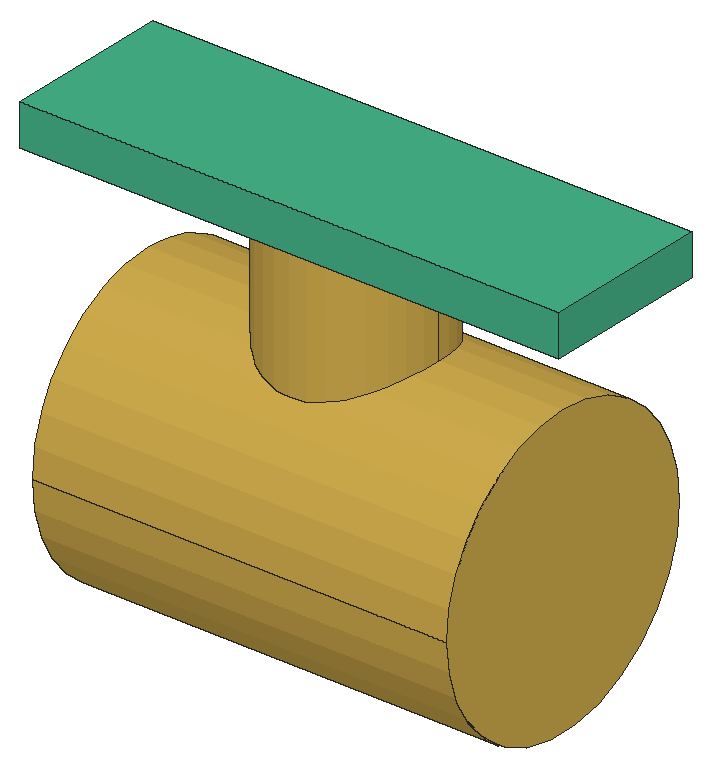
Revit family "Ball_Valve-Zurn_Wilkins-Model_850XL_Threaded-(0.5-2_Inch)", category Pipe Accessories, Revit 2015
Parameters (values of type "3/4"")
  Weight = "1 lbs."
  URL = "http://www.zurn.com/Pages/CategoryHierarchy.aspx?NodePath=ZurnDB~Product%20Types~Wilkins%20Water%20Control\r\n"
  Type Comments = "Threaded Connections ANSI B1.20.1"  # constant formula
  Thread MNPT = "N/A"
  Thread FNPT = "3/4-14"
  Temp Rating = "33F - 350F @ 50 psi"  # constant formula
  Tap Size FNPT = "1/8-27"
  Specification Sheet URL = "http://content.zurn.com/web_documents/pdfs/specsheets/BV-850XL.pdf\r\n"
  Product data url = "https://bimobject.com/zurnindustries/product/zurn-850xl"
  Product Page URL = "http://www.zurn.com/Pages/ProductDetails.aspx?NodePath=ZurnDB~Product%20Types~Wilkins%20Water%20Control~Shut-Off%20Valves~Ball%20Valves~Model%20850XL\r\n"
  Pressure Rating = "600 psi WOG"  # constant formula
  Nominal Radius = Nominal Diameter / 2  # 0' - 0 3/8"
  Nominal Diameter = 0' - 0 3/4"
  Model = "850XL"  # constant formula
  Manufacturer = "Zurn Wilkins"  # constant formula
  Length = Body Length  # 0' - 2 1/2"
  Handle Wheel = not(Handle Lever)  # yes
  Handle Lever = no
  Handle Length = 0' - 1 5/8"
  Handle Height = 0' - 1 3/4"
  Flow = 0 GPM
  Description = "Lead-Free* Ball Valve"  # constant formula
  Body Radius = (Nominal Diameter / 2) + 0' 0 1/2"  # 0' - 0 7/8"
  Body Length = 0' - 2 1/2"
  Body Diameter = Body Radius * 2  # 0' - 1 3/4"
  Assembly Code = "D2090800"
Types (6): name | Weight | Thread MNPT | Thread FNPT | Tap Size FNPT | Nominal Radius | Nominal Diameter | Length | Handle Wheel | Handle Lever | Handle Length | Handle Height | Body Radius | Body Length | Body Diameter
  2" | "6 lbs." | "N/A" | "2-11 1/2" | "1/4-18" | 0' - 1" | 0' - 2" | 0' - 4 1/2" | no | yes | 0' - 4 3/4" | 0' - 3 7/8" | 0' - 1 1/2" | 0' - 4 1/2" | 0' - 3"
  1 1/2" | "3 lbs." | "N/A" | "1 1/2-11 1/2" | "1/4-18" | 0' - 0 3/4" | 0' - 1 1/2" | 0' - 3 3/4" | no | yes | 0' - 4 3/4" | 0' - 2 7/8" | 0' - 1 1/4" | 0' - 3 3/4" | 0' - 2 1/2"
  1 1/4" | "3 lbs." | "N/A" | "1 1/4-11 1/2" | "1/4-18" | 0' - 0 5/8" | 0' - 1 1/4" | 0' - 3 5/16" | no | yes | 0' - 3 1/2" | 0' - 2 5/8" | 0' - 1 1/8" | 0' - 3 5/16" | 0' - 2 1/4"
  1" | "2 lbs." | "N/A" | "1-11 1/2" | "1/8-27" | 0' - 0 1/2" | 0' - 1" | 0' - 2 3/4" | yes | no | 0' - 1 5/8" | 0' - 2" | 0' - 1" | 0' - 2 3/4" | 0' - 2"
  3/4" | "1 lbs." | "N/A" | "3/4-14" | "1/8-27" | 0' - 0 3/8" | 0' - 0 3/4" | 0' - 2 1/2" | yes | no | 0' - 1 5/8" | 0' - 1 3/4" | 0' - 0 7/8" | 0' - 2 1/2" | 0' - 1 3/4"
  1/2" | "1 lbs." | "1/2-14" | "1/2-14" | "1/8-27" | 0' - 0 1/4" | 0' - 0 1/2" | 0' - 2 1/4" | no | yes | 0' - 2 3/4" | 0' - 1 7/8" | 0' - 0 3/4" | 0' - 2 1/4" | 0' - 1 1/2"
Reference planes (in)
  plane 1 "Center (Front/Back)": y = -3
  plane 2: z = 0
  plane 3 "Center (Left/Right)": x = -2.01587
  plane 4: z = 0.875
  plane 5: z = 1.75
  plane 6: x = -3.26587
  plane 7: x = -0.76587
  plane 8: x = -0.39087
  plane 9: y = -2.125
  plane 10: y = -3.875
  plane 11: z = -0.875
  plane 12: z = 1.5
  plane 13: x = -4.51587
  plane 14: x = 0.48413
  plane 15: y = -1.25
  plane 16: y = -4.75
Forms (in)
  Extrusion 1, solid, material "Paint - Zurn - Brass", detail levels fine
    sketch origin (-2.01587, 0, 0) x (0, 1, 0) y (0, 0, 1)
      loop
        circle (-3, 0) r 0.875
    from -1.25 to 1.25
  Extrusion 2, solid, material "Paint - Zurn - Green", visible <- "Handle Wheel", detail levels fine
    sketch origin (0, 0, 0) x (1, 0, 0) y (0, 1, 0)
      loop
        line (-0.39087, -3.5) -> (-0.39087, -2.5) -> (-3.64087, -2.5) -> (-3.64087, -3.5) -> (-0.39087, -3.5)
    from 1.5 to 1.75
  Extrusion 3, solid, material "Paint - Zurn - Brass", detail levels fine
    sketch origin (0, 0, 0) x (1, 0, 0) y (0, 1, 0)
      loop
        circle (-2.01587, -3) r 0.5
    from 0 to 1.5
  Extrusion 4, solid, material "Paint - Zurn - Green", visible <- "Handle Lever", detail levels fine
    sketch origin (0, 0, 0) x (1, 0, 0) y (0, 1, 0)
      loop
        line (-2.51587, -2.5) -> (-2.51587, -3.5) -> (-0.39087, -3.5) -> (-0.39087, -2.5) -> (-2.51587, -2.5)
    from 1.5 to 1.75
Cuts and joins
  joined: Extrusion 1, Extrusion 3
Lines and regions (in)
  Masking region 1, detail levels fine
    outline origin (0, 0, 0) x (1, 0, 0) y (0, 1, 0)
      loop
        line (-3.26587, -2.125) -> (-3.26587, -3.875) -> (-0.76587, -3.875) -> (-0.76587, -2.125) -> (-3.26587, -2.125)
  symbolic lines, detail levels fine
    curve 1: line (-3.26587, -2.125, 0) -> (-0.76587, -2.125, 0)
    curve 2: line (-3.26587, -3.875, 0) -> (-0.76587, -3.875, 0)
    curve 3: line (-3.26587, -3.875, 0) -> (-3.26587, -2.125, 0)
    curve 4: line (-0.76587, -3.875, 0) -> (-0.76587, -2.125, 0)
Dimensions and locks (in)
  equal spacing: plane 6, plane 3 "Center (Left/Right)", plane 7
  "Body Length": plane 6 to plane 7
  equal spacing: plane 9, plane 1 "Center (Front/Back)", plane 10
  "Body Diameter": plane 9 to plane 10
  "Handle Length": plane 3 "Center (Left/Right)" to plane 8
  "Handle Height": plane 5 to level
  "Body Radius": plane 4 to level
  "Body Radius": plane 11 to level
  locked: plane 5 to plane 12 at 0.25
  "Handle Length": Extrusion 2 sketch curve to plane 3 "Center (Left/Right)"
  locked: plane 13 to plane 3 "Center (Left/Right)" at 2.5
  locked: plane 3 "Center (Left/Right)" to plane 14 at 2.5
  locked: plane 1 "Center (Front/Back)" to plane 15 at 1.75
  locked: plane 16 to plane 1 "Center (Front/Back)" at 1.75
  locked: plane 1 "Center (Front/Back)" to Extrusion 1 sketch curve at 0
  locked: level to Extrusion 1 sketch curve at 0
  locked: plane 3 "Center (Left/Right)" to Extrusion 3 sketch curve at 0
  locked: plane 1 "Center (Front/Back)" to Extrusion 3 sketch curve at 0
  locked: Extrusion 4 sketch curve to plane 3 "Center (Left/Right)" at 0.5
  "Body Radius": radius of Extrusion 1 sketch curve
  radius of Extrusion 3 sketch curve = 0' - 0 1/2"
  aligned and locked: Extrusion 1 to plane 6
  aligned and locked: plane 7 to Extrusion 1
  aligned and locked: plane 5 to Extrusion 2
  aligned and locked: Extrusion 2 to plane 12
  aligned and locked: Extrusion 3 to Extrusion 2
  aligned and locked: Extrusion 3 to level
  aligned and locked: Extrusion 4 sketch curve to plane 8
  aligned and locked: plane 5 to Extrusion 4
  aligned and locked: Extrusion 4 to plane 12
  aligned and locked: curve 1 to plane 9
  aligned and locked: curve 2 to plane 10
  aligned and locked: plane 7 to curve 4
  aligned and locked: plane 6 to curve 3
  aligned: Extrusion 2 sketch curve to Extrusion 4  (x2)
  aligned and locked: Extrusion 2 sketch curve to plane 8
  aligned and locked: Masking region 1 sketch curve to cut or joined group of Extrusion 1, Extrusion 3  (x2)
  aligned and locked: Masking region 1 sketch curve to curve 1
  aligned and locked: Masking region 1 sketch curve to curve 2
  aligned and locked: Extrusion 4 sketch curve to Extrusion 2  (x2)
  aligned and locked: plane 3 "Center (Left/Right)" to nested 1
  aligned and locked: nested 1 to level
  aligned and locked: plane 3 "Center (Left/Right)" to nested 2
  aligned and locked: plane 1 "Center (Front/Back)" to nested 2
  aligned and locked: plane 3 "Center (Left/Right)" to nested 3
  aligned and locked: plane 1 "Center (Front/Back)" to nested 3
Automatic sketch dimensions
  Extrusion 2 sketch curve to plane 1 "Center (Front/Back)" = 0' - 0 1/2"
  plane 1 "Center (Front/Back)" to Extrusion 2 sketch curve = 0' - 0 1/2"
Nested families (in)
  nested 1: "850 Symbol" at (-2.01587, -3, 0) x (1, 0, 0) z (0, -1, 0), type "850 Symbol", detail levels coarse+medium
  nested 2: "850 Symbol" at (-2.01587, -3, 0), type "850 Symbol", detail levels coarse+medium
  nested 3: "850 3D Symbol" at (-2.01587, -3, 0), type "850 3D Symbol", detail levels coarse+medium
Connectors (in)
  piping at (-3.26587, -3, 0), diameter 0.75, driven by "Nominal Radius", driven by "Flow"
    settings: on cut or joined group of Extrusion 1, Extrusion 3, index 1, connector inside diameter 3/4", connector length 0' - 0", flow factor 0, pipe flow 0 GPM, pressure drop 0.00 psi, fitting loss kfactor 0, connector angle 0.00°, fixture units 0, engagement length 0' - 0", angle of deflection 0.00°, flow configuration 0, flow direction 1, fitting loss method 0, system type 29, joint type 0, gender type 0, connector reference index -1, connector utility 0, adjustable connector no, is connector primary yes, connector description "In"
  piping at (-0.76587, -3, 0), diameter 0.75, driven by "Nominal Radius", driven by "Flow"
    settings: on cut or joined group of Extrusion 1, Extrusion 3, index 2, connector inside diameter 3/4", connector length 0' - 0", flow factor 0, pipe flow 0 GPM, pressure drop 0.00 psi, fitting loss kfactor 0, connector angle 0.00°, fixture units 0, engagement length 0' - 0", angle of deflection 0.00°, flow configuration 0, flow direction 2, fitting loss method 0, system type 29, joint type 0, gender type 0, connector reference index -1, connector utility 0, adjustable connector no, is connector primary no, connector description "Out"
Definition of nested family "850 Symbol"
  Parameters
    Assembly Code = ""
  Reference planes (in)
    plane 1 "Center (Front/Back)": y = 0
    plane 2: z = 0
    plane 3 "Center (Left/Right)": x = 0
  Lines and regions (in)
    detail lines, in view "Ref. Level"
      curve 1: line (-1.16791, 0.65695, 0) -> (-1.16791, -0.65695, 0)
      curve 2: circle (0, 0, 0) r 0.58396 normal (0, 0, 1)
      curve 3: line (1.13049, 0.65695, 0) -> (1.13049, -0.65695, 0)
      curve 4: line (-1.16791, 0, 0) -> (-0.58396, 0, 0)
      curve 5: line (1.13049, 0, 0) -> (0.54653, 0, 0)
      curve 6: line (0, -0.65695, 0) -> (0, 1.09492, 0)
      curve 7: line (0, 1.09492, 0) -> (1.13049, 1.09492, 0)
Definition of nested family "850 3D Symbol"
  Parameters
    Valve Material = none
    K Coefficient = 0.35
    Assembly Code = ""
  Reference planes (in)
    plane 1 "Center (Front/Back)": y = 0
    plane 2: z = 0
    plane 3 "Center (Left/Right)": x = 0
    plane 4: z = 2.85937
    plane 5: z = 3.96094
    plane 6: z = 3.41016
    plane 7: z = 3.74219
    plane 8: z = 3.07812
  Lines and regions (in)
    model lines
      curve 1: line (-1.16791, 0.65695, 0) -> (-1.16791, -0.65695, 0)
      curve 2: line (-1.16791, 0, 0) -> (-0.58396, 0, 0)
      curve 3: circle (0, 0, 0) r 0.58396 normal (0, 0, 1)
      curve 4: line (0, -0.65695, 0) -> (0, 1.09492, 0)
      curve 5: line (0, 1.09492, 0) -> (1.13049, 1.09492, 0)
      curve 6: line (1.13049, 0, 0) -> (0.54653, 0, 0)
      curve 7: line (1.13049, 0.65695, 0) -> (1.13049, -0.65695, 0)
  Dimensions and locks (in)
    locked: plane 4 to plane 2 at 2.85938
    locked: plane 5 to plane 4 at 1.10156
    equal spacing: plane 5, plane 6, plane 4
    plane 7 to plane 6 to plane 8 = 0' - 0 85/256", 0' - 0 85/256"
    equal spacing: plane 7, plane 6, plane 8
    locked: plane 6 to plane 8 at 0.33203
  Automatic sketch dimensions
    plane 1 "Center (Front/Back)" to curve 2 = 0' - 0"
    curve 4 to plane 3 "Center (Left/Right)" = 0' - 0"
    plane 1 "Center (Front/Back)" to curve 3 = 0' - 0"
    curve 3 to plane 3 "Center (Left/Right)" = 0' - 0"
    plane 1 "Center (Front/Back)" to curve 6 = 0' - 0"
    curve 2 to plane 3 "Center (Left/Right)" = 0' - 0.58396"
    curve 2 to curve 2 = 0' - 0.58396"
    curve 3 to curve 6 = 0' - 0.54653"
    curve 6 to curve 6 = 0' - 0.58396"
    curve 5 to curve 7 = 0' - 0"
    curve 1 to curve 2 = 0' - 0.65695"
    curve 7 to curve 6 = 0' - 0.65695"
    curve 4 to curve 3 = 0' - 0.65695"
    curve 7 to plane 1 "Center (Front/Back)" = 0' - 0.65695"
    curve 1 to plane 1 "Center (Front/Back)" = 0' - 0.65695"
    curve 7 to curve 5 = 0' - 0.43797"
